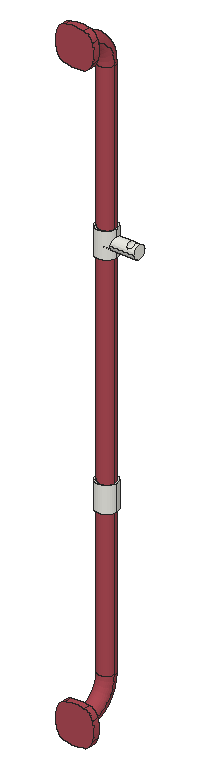
Revit family "Solo tukikahva", category Casework, Revit 2015
Parameters (values of type "Solo tukikahva 16804 R")
  URL = "http://www.korpinen.com/"
  Solo tuikkahva = 01 Solo tuikkahva 16804 : Solo tuikkahva 16804 R
  NominalLength = 0 mm
  NominalHeight = 0 mm
  NominalDepth = 0 mm
  Model = "Solo tukikahva"
  Manufacturer = "Korpinen"
  Keynote = "16804"
  IfcExportType = ""
  IfcExportAs = ""
  IfcClassification = ""
  Depth = 94 mm
  Height = 1200 mm
  Width = 74 mm
  Author = "ProdLib Oy"
Types (6, lengths in mm): name | Solo tuikkahva | Keynote | Depth | Height | Width
  Solo tukikahva 16802 W | 01 Solo tuikkahva 16802 : Solo tuikkahva 16802 W | "16802" | 98 | 74 | 800
  Solo tukikahva 16802 R | 01 Solo tuikkahva 16802 : Solo tuikkahva 16802 R | "16802" | 98 | 74 | 800
  Solo tukikahva 16802 G | 01 Solo tuikkahva 16802 : Solo tuikkahva 16802 G | "16802" | 98 | 74 | 800
  Solo tukikahva 16804 W | 01 Solo tuikkahva 16804 : Solo tuikkahva 16804 W | "16804" | 94 | 1200 | 74
  Solo tukikahva 16804 R | 01 Solo tuikkahva 16804 : Solo tuikkahva 16804 R | "16804" | 94 | 1200 | 74
  Solo tukikahva 16804 G | 01 Solo tuikkahva 16804 : Solo tuikkahva 16804 G | "16804" | 94 | 1200 | 74
Reference planes
  plane 1 "Back": y = -515.6
  plane 2: z = 0
  plane 3 "Center (Left/Right)": x = 18.738
  plane 4 "Left": x = -18.262
  plane 5 "Right": x = 55.738
  plane 6 "Front": y = -609.6
  plane 7 "Top": z = 1200
Dimensions and locks
  "Depth": plane 6 "Front" to plane 1 "Back"
  "Width": plane 4 "Left" to plane 5 "Right"
  equal spacing: plane 4 "Left", plane 3 "Center (Left/Right)", plane 5 "Right"
  "Height": level to plane 7 "Top"
  aligned and locked: plane 2 to level
  aligned and locked: plane 6 "Front" to nested 1
  aligned and locked: plane 3 "Center (Left/Right)" to nested 1
Nested families
  nested 1: "01 Solo tuikkahva 16804" at (0, 0, 0), type <- "Solo tuikkahva", type "Solo tuikkahva 16804 R"
Definition of nested family "01 Solo tuikkahva 16804"
  Parameters (values of type "Solo tuikkahva 16804 W")
    URL = "http://www.korpinen.com/"
    NominalLength = 0 mm
    NominalHeight = 0 mm
    NominalDepth = 0 mm
    Modular material = none
    Manufacturer = "Korpinen"
    L = 800 mm
    IfcExportType = ""
    IfcExportAs = ""
    IfcClassification = ""
    Depth = 94 mm
    Height = 1200 mm
    Width = 74 mm
    Author = "ProdLib Oy"
  Types (4): name
    Solo tuikkahva 16804 W
    Solo tuikkahva 16804 G
    Solo tuikkahva 16804 R
    01 Solo tuikkahva 16804
  Reference planes
    plane 1 "Back": y = -515.6
    plane 2: z = 0
    plane 3 "Center (Left/Right)": x = 18.738
    plane 4 "Left": x = -18.262
    plane 5 "Right": x = 55.738
    plane 6 "Front": y = -609.6
    plane 7 "Top": z = 1200
    plane 8: y = -596.6
    plane 9: y = -531.6
    plane 10: z = 1139
    plane 11: z = 61
    plane 12: y = -592.6
    plane 13: x = 2.738
    plane 14: x = 34.738
    plane 15: z = 800
    plane 16: z = 400
    plane 17: z = 850
    plane 18: z = 350
    plane 19: x = -1.262
    plane 20: x = 38.738
    plane 21: x = 2.738
    plane 22: x = 34.738
    plane 23: x = -1.262
    plane 24: x = 38.738
    plane 25: x = 2.738
    plane 26: x = 34.738
    plane 27: z = 825
    plane 28: y = -544.1
    plane 29: y = -519.1
    plane 30: x = 83.738
  Forms (mm)
    Sweep 1, solid, material <- "Modular material"
      path origin (55.738, 0, 0) x (0, -1, 0) y (0, 0, 1)
        loop
          line (596.6, 1200) -> (592.6, 1200)
          arc (592.6, 1200) -> (549.466, 1182.134) -> (531.6, 1139) r 61
          line (531.6, 1139) -> (531.6, 61)
          arc (531.6, 61) -> (549.466, 17.866) -> (592.6, 0) r 61
          line (592.6, 0) -> (596.6, 0)
      profile origin (55.738, -594.6, 1200) x (0, 0, -1) y (-1, 0, 0)
        loop
          circle (0, 37) r 16
    Extrusion 2, solid
      sketch origin (0, 0, 0) x (1, 0, 0) y (0, 1, 0)
        loop
          circle (18.738, -531.6) r 20
        loop
          circle (18.738, -531.6) r 16
      from 350 to 400
    Extrusion 3, solid
      sketch origin (0, 0, 0) x (1, 0, 0) y (0, 1, 0)
        loop
          circle (18.738, -531.6) r 20
        loop
          circle (18.738, -531.6) r 16
      from 800 to 850
    Extrusion 4, solid
      sketch origin (55.738, 0, 0) x (0, -1, 0) y (0, 0, 1)
        loop
          circle (531.6, 825) r 12.5
      from -28 to 37
    Extrusion 5, void
      sketch origin (0, -609.6, 0) x (1, 0, 0) y (0, 0, 1)
        loop
          line (77.738, 837.5) -> (65.738, 837.5)
          arc (65.738, 837.5) -> (71.738, 831.5) -> (77.738, 837.5) r 6
      from -129.879 to -32.824
  Cuts and joins
    Extrusion 5 cuts Extrusion 4
  Dimensions and locks
    "Depth": plane 6 "Front" to plane 1 "Back"
    "Width": plane 4 "Left" to plane 5 "Right"
    equal spacing: plane 4 "Left", plane 3 "Center (Left/Right)", plane 5 "Right"
    "Height": level to plane 7 "Top"
    plane 2 to plane 11 = 61 mm
    plane 10 to plane 7 "Top" = 61 mm
    plane 9 to plane 1 "Back" = 16 mm
    plane 15 to plane 7 "Top" = 400 mm
    plane 16 to plane 2 = 400 mm
    locked: plane 15 to plane 17 at 50
    plane 18 to plane 16 = 50 mm
    plane 19 to plane 21 to plane 3 "Center (Left/Right)" to plane 22 to plane 20 = 4 mm locked, 16 mm locked, 16 mm locked, 4 mm locked
    plane 23 to plane 25 to plane 3 "Center (Left/Right)" to plane 26 to plane 24 = 4 mm locked, 16 mm locked, 16 mm locked, 4 mm locked
    locked: plane 15 to plane 27 at 25
    locked: plane 28 to plane 9 at 12.5
    locked: plane 3 "Center (Left/Right)" to plane 30 at 65
    aligned and locked: plane 2 to level
    aligned and locked: plane 2 to nested 1
    aligned and locked: plane 3 "Center (Left/Right)" to nested 1
    aligned and locked: plane 6 "Front" to nested 1
    aligned and locked: nested 2 to plane 7 "Top"
    aligned and locked: plane 3 "Center (Left/Right)" to nested 2
    aligned and locked: plane 16 to Extrusion 2
    aligned and locked: plane 18 to Extrusion 2
    aligned and locked: Extrusion 3 to plane 17
    aligned and locked: plane 15 to Extrusion 3
    aligned and locked: plane 19 to Extrusion 2 sketch curve
    aligned and locked: plane 21 to Extrusion 2 sketch curve
    aligned and locked: plane 22 to Extrusion 2 sketch curve
    aligned and locked: plane 20 to Extrusion 2 sketch curve
    aligned and locked: plane 9 to Extrusion 2 sketch curve  (x4)
    aligned and locked: plane 9 to Extrusion 3 sketch curve  (x4)
    aligned and locked: plane 24 to Extrusion 3 sketch curve
    aligned and locked: plane 26 to Extrusion 3 sketch curve
    aligned and locked: plane 25 to Extrusion 3 sketch curve
    aligned and locked: plane 23 to Extrusion 3 sketch curve
    aligned and locked: Extrusion 4 to plane 3 "Center (Left/Right)"
    aligned and locked: Extrusion 4 to plane 30
  Automatic sketch dimensions
    Sweep 1 sketch curve to plane 9 = 0 mm
    Sweep 1 sketch curve to plane 10 = 0 mm
    Sweep 1 sketch curve to plane 12 = 0 mm  (x2)
    Sweep 1 sketch curve to level = 0 mm
    Sweep 1 sketch curve to plane 8 = 0 mm  (x2)
    Sweep 1 sketch curve to Sweep 1 sketch curve = 0 mm  (x2)
    Sweep 1 sketch curve to profile plane = 0 mm
    plane 14 to Sweep 1 sketch curve = 0 mm
    Sweep 1 sketch curve to plane 13 = 0 mm
    plane 27 to Extrusion 4 sketch curve = 0 mm
    Extrusion 4 sketch curve to plane 29 = 0 mm
    Extrusion 4 sketch curve to plane 9 = 0 mm
    plane 30 to Extrusion 5 sketch curve = 12 mm
    plane 17 to Extrusion 5 sketch curve = 12.5 mm
    Extrusion 5 sketch curve to Extrusion 5 sketch curve = 6 mm
  Nested families
    nested 1: "Modular wall support v" at (0, 0, -37), Modular material <- "Modular material", type "Modular support"
      with Modular material none
    nested 2: "Modular wall support v" at (0, 0, 1163), Modular material <- "Modular material", type "Modular support"
      with Modular material none
  Definition of nested family "Modular wall support v"
    Parameters (values of type "Modular support")
      Up = not(Down)  # no
      URL = "http://www.korpinen.com/"
      Right = yes
      NominalLength = 0 mm
      NominalHeight = 0 mm
      NominalDepth = 0 mm
      Modular material [instance] = none
      Manufacturer = "Korpinen"
      Left = yes
      IfcExportType = ""
      IfcExportAs = ""
      IfcClassification = ""
      Down = yes
      Depth = 13 mm
      Height = 74 mm
      Width = 74 mm
      Author = "ProdLib Oy"
    Reference planes
      plane 1 "Back": y = -596.6
      plane 2: z = 0
      plane 3 "Center (Left/Right)": x = 18.738
      plane 4 "Left": x = -18.262
      plane 5 "Right": x = 55.738
      plane 6 "Front": y = -609.6
      plane 7 "Top": z = 74
      plane 8: x = -16.262
      plane 9: x = 0.238
      plane 10: x = 53.738
      plane 11: x = 37.238
      plane 12: z = 2
      plane 13: z = 18.5
      plane 14: z = 55.5
      plane 15: z = 72
      plane 16: x = -8.012
      plane 17: x = 45.488
      plane 18: z = 63.75
      plane 19: z = 10.25
      plane 20: z = 37
      plane 21: z = 35.566
    Forms (mm)
      Extrusion 1, solid, material <- "Modular material"
        sketch origin (0, -609.6, 0) x (1, 0, 0) y (0, 0, 1)
          loop
            arc (0.238, 72) -> (-10.318, 66.056) -> (-16.262, 55.5) r 22.5
            arc (-16.262, 55.5) -> (-18.262, 37) -> (-16.262, 18.5) r 86.562
            arc (-16.262, 18.5) -> (-10.318, 7.944) -> (0.238, 2) r 22.5
            arc (0.238, 2) -> (18.738, 0) -> (37.238, 2) r 86.562
            arc (37.238, 2) -> (47.794, 7.944) -> (53.738, 18.5) r 22.5
            arc (53.738, 18.5) -> (55.738, 37) -> (53.738, 55.5) r 86.563
            arc (53.738, 55.5) -> (47.794, 66.056) -> (37.238, 72) r 22.5
            arc (37.238, 72) -> (18.738, 74) -> (0.238, 72) r 86.562
        from -13 to 0
    Dimensions and locks
      "Depth": plane 6 "Front" to plane 1 "Back"
      "Width": plane 4 "Left" to plane 5 "Right"
      equal spacing: plane 4 "Left", plane 3 "Center (Left/Right)", plane 5 "Right"
      "Height": level to plane 7 "Top"
      plane 20 to plane 2 = 37 mm
      plane 21 to plane 2 = 35.566 mm
      aligned and locked: plane 2 to level
      aligned and locked: plane 6 "Front" to Extrusion 1
      aligned and locked: Extrusion 1 to plane 1 "Back"
    Automatic sketch dimensions
      Extrusion 1 sketch curve to plane 20 = 0 mm  (x2)
      Extrusion 1 sketch curve to plane 8 = 0 mm  (x2)
      Extrusion 1 sketch curve to plane 9 = 0 mm  (x2)
      Extrusion 1 sketch curve to plane 3 "Center (Left/Right)" = 0 mm  (x2)
      plane 11 to Extrusion 1 sketch curve = 0 mm  (x2)
      plane 10 to Extrusion 1 sketch curve = 0 mm  (x2)
      Extrusion 1 sketch curve to plane 12 = 0 mm
      Extrusion 1 sketch curve to plane 13 = 0 mm  (x2)
      Extrusion 1 sketch curve to plane 15 = 0 mm
      plane 4 "Left" to Extrusion 1 sketch curve = 12.563 mm
      plane 9 to Extrusion 1 sketch curve = 5.354 mm  (x2)
      plane 11 to Extrusion 1 sketch curve = 5.354 mm  (x2)
      Extrusion 1 sketch curve to plane 5 "Right" = 12.562 mm
      Extrusion 1 sketch curve to level = 12.562 mm
      Extrusion 1 sketch curve to plane 7 "Top" = 12.562 mm
